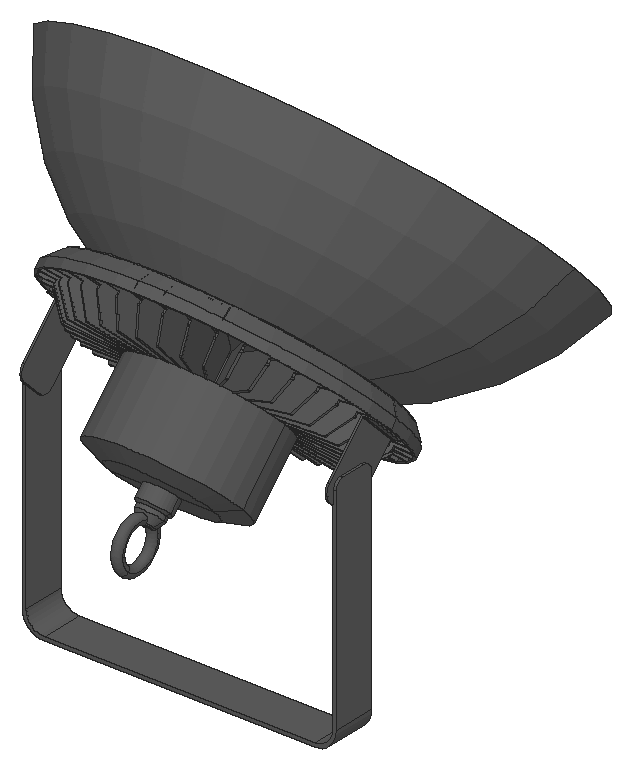
Revit family "0039365+0039353+0039357 Sylvania Lighting Fixture START HighBay IP65 DALI 13000lm 840 WB with BRACKET and ALU SHADE BLACK COLOR FOR 13 19KLM", category Lighting Fixtures, host Face, Revit 2016
Family settings
  Host = Face
  Part Type = Normal
  Round Connector Dimension = Use Diameter
  OmniClass Number = 23.80.70.00
  OmniClass Title = Lighting
  Cut with Voids When Loaded = No
  Light Source = No
  Shared = No
  Room Calculation Point = No
Parameters (values of type "0039365+0039353+0039357  START HighBay IP65 DALI 13000lm 840 WB with BRACKET and ALU SHADE BLACK COLOR FOR 13/19KLM")
  Weight = "3.0 kg"
  Wattage Comments = ""
  WarrantyStartDate [instance] = "n/a"
  WarrantyGuarantorParts = "n/a"
  WarrantyDurationUnit = "n/a"
  WarrantyDurationParts = "n/a"
  WarrantyDescription = "n/a"
  Voltage = 0 V
  URL = "http://www.sylvania-lighting.com"
  TypeName = "START HighBay IP65 DALI 13000lm 840 WB with BRACKET and ALU SHADE BLACK COLOR FOR 13/19KLM"
  TypeHead_FEILO = Start LED Highbay DALI Head : 0039365+0039353+0039357 START HighBay IP65 DALI 13000lm 840 WB with BRACKET and ALU SHADE BLACK COLOR FOR 13/19KLM
  Type Image = <None>
  Type Comments = "n/a"
  TiltAngle_FEILO [instance] = 45.00°
  ThicknessBracketPlate_FEILO = 3 mm
  SizeBracketS_FEILO = yes
  SizeBracketM_FEILO = no
  SerialNumber [instance] = "n/a"
  RadiusBracketTop_FEILO = 7 mm
  RadiusBendOut_FEILO = if(SizeBracketS_FEILO, 18 mm, if(SizeBracketM_FEILO, 24 mm, 28 mm))  # 18 mm
  RadiusBendIn_FEILO = RadiusBendOut_FEILO - ThicknessBracketPlate_FEILO  # 15 mm
  Material_3_FEILO = none
  PowerFactor = 0.95
  PowerConsumption = "90 W"
  NominalLength = 270 mm
  NominalHeight = 175 mm
  NominalDepth = 270 mm
  Name = "START HighBay IP65 DALI 13000lm 840 WB with BRACKET and ALU SHADE BLACK COLOR FOR 13/19KLM"
  ModelReference = Name  # "START HighBay IP65 DALI 13000lm 840 WB with BRACKET and ALU SHADE BLACK COLOR FOR 13/19KLM"
  ModelNumber = "0039365+0039353+0039357"
  Model = Name  # "START HighBay IP65 DALI 13000lm 840 WB with BRACKET and ALU SHADE BLACK COLOR FOR 13/19KLM"
  Material = "aluminium alloy housing, polycarbonate diffuser"
  ManufacturerName = "Feilo Sylvania"
  Manufacturer = "Feilo Sylvania"
  LuminousEfficacy = "130 lm/W"
  LuminaireType = ""
  LightOutputRatio = "n/a"
  LampsType = Lamp  # "LED"
  LampNominalLuminous = "11700 lm"
  LampMacAdamStep = "6"
  LampColourTemperature = "6500 K"
  LampColourRenderingIndex = "80"
  Lamp = "LED"
  Keynote = "16500"
  InstallationDate [instance] = "n/a"
  InputVoltage = "n/a"
  InputNominalFrequency = "50/60 Hz"
  IngressProtection = "IP65"
  ImpactProtectionIndex = "IK08"
  IfcExportType = "IfcLightFixtureType"
  IfcExportAs = "IfcLightFixtureType"
  ExpectedLife = 50000
  EndAngle_FEILO [instance] = TiltAngle_FEILO + 180.00°  # 225.00°
  ElectricShockClassification = "Class I"
  DurationUnit = "hours"
  DocumentationLiterature = "http://www.sylvania-lighting.com/product/en-int/products/0039365"
  DimmingControlOptions = "Dimmable"
  Material_2_FEILO = none
  Description = "START Highbay, includes 1 m cables, black aluminium housing, 11,700 Lm, 90 W, 130 Lm/W, 6500 K, drive current: 2000 mA, CRI 80, 90° beam angle, DALI dimmable, IP65, IK08, 50,000 hrs (L80/B50), (D x H) 270 x 175 mm."
  Default Elevation = 1219.2 mm
  CreatedOn = "5/15/2018"
  CreatedBy = "aron.fodor@sylvania-lighting.com"
  Cost = 0
  built-in parameter 1114216 [instance] = (empty or 0)
  ClassificationValue = "EF_70_80"
  ClassificationName = "Uniclass2015"
  Material_1_FEILO = Body-Sylvania-StartHighbay-Black
  BracketHeight_FEILO = if(SizeBracketS_FEILO, 199.5 mm, if(SizeBracketM_FEILO, 209.6 mm, 201.3 mm))  # 199.5 mm
  BracketDistanceInner_FEILO = if(SizeBracketS_FEILO, 249.4 mm, if(SizeBracketM_FEILO, 273.6 mm, 313.2 mm))  # 249.4 mm
  BarCode [instance] = "n/a"
  AssetType = "Fixed"
  AssetIdentifier [instance] = "n/a"
  Assembly Code = "D5020200"
  Apparent Load = 90 VA
  Material_4_FEILO = none
Reference planes
  plane 1 "Center (Front/Back)": y = 0
  plane 2: z = 0
  plane 3 "Center (Left/Right)": x = 0
  plane 4: x = -127.7
  plane 5: x = 127.7
  plane 6: z = 199.5
  plane 7: x = -124.7
  plane 8: z = 3
  plane 9: x = 124.7
  plane 10: y = 17.5
  plane 11: y = -17.5
  plane 12: y = -19.5
  plane 13: z = 201.5
  plane 14: y = 19.5
  plane 15: z = 190.5
Forms (mm)
  Extrusion 1, solid, material "Body-Sylvania-StartHighbay-Black" <- "Material_1_FEILO"
    sketch origin (0, 0, 0) x (1, 0, 0) y (0, 0, 1)
      loop
        line (-127.7, 199.5) -> (-127.7, 18)
        arc (-127.7, 18) -> (-122.428, 5.272) -> (-109.7, 0) r 18
        line (-109.7, 0) -> (109.7, 0)
        arc (109.7, 0) -> (122.428, 5.272) -> (127.7, 18) r 18
        line (127.7, 18) -> (127.7, 199.5) -> (124.7, 199.5) -> (124.7, 18)
        arc (124.7, 18) -> (120.307, 7.393) -> (109.7, 3) r 15
        line (109.7, 3) -> (-109.7, 3)
        arc (-109.7, 3) -> (-120.307, 7.393) -> (-124.7, 18) r 15
        line (-124.7, 18) -> (-124.7, 199.5) -> (-127.7, 199.5)
    from -17.5 to 17.5
  Extrusion 2, void
    sketch origin (0, 0, 0) x (0, 1, 0) y (0, 0, 1)
      loop
        arc (10.5, 199.5) -> (15.45, 197.45) -> (17.5, 192.5) r 7
        line (17.5, 192.5) -> (19.5, 192.5) -> (19.5, 201.5) -> (-19.5, 201.5) -> (-19.5, 192.5) -> (-17.5, 192.5)
        arc (-17.5, 192.5) -> (-15.45, 197.45) -> (-10.5, 199.5) r 7
        line (-10.5, 199.5) -> (10.5, 199.5)
    from -127.7 to 127.7
  Revolve 3, solid, not visible
    sketch origin (1223.4, -4572, 190.5) x (0, -1, 0) y (1, 0, 0)
      loop
        line (-4572, -1223.4) -> (-4591.5, -1223.4) -> (-4591.5, -1277.783) -> (-4572, -1277.783) -> (-4572, -1223.4)
      axis (-4572, -1223.4) -> (-4572, -1277.783)
    angle from 45 <- "TiltAngle_FEILO" to 225 <- "EndAngle_FEILO"
Cuts and joins
  Extrusion 2 cuts Extrusion 1
Dimensions and locks
  "BracketHeight_FEILO": plane 6 to plane 2
  equal spacing: plane 11, plane 1 "Center (Front/Back)", plane 10
  locked: plane 11 to plane 10 at 35
  equal spacing: plane 9, plane 3 "Center (Left/Right)", plane 7
  "BracketDistanceInner_FEILO": plane 9 to plane 7
  "ThicknessBracketPlate_FEILO": plane 7 to plane 4
  "ThicknessBracketPlate_FEILO": plane 8 to plane 2
  equal spacing: plane 5, plane 3 "Center (Left/Right)", plane 4
  equal spacing: plane 12, plane 1 "Center (Front/Back)", plane 14
  locked: plane 6 to plane 13 at 2
  locked: plane 12 to plane 11 at 2
  locked: plane 6 to plane 15 at 9
  "RadiusBendOut_FEILO": radius of Extrusion 1 sketch curve  (x2)
  "RadiusBendIn_FEILO": radius of Extrusion 1 sketch curve  (x2)
  "RadiusBracketTop_FEILO": radius of Extrusion 2 sketch curve  (x2)
  aligned and locked: plane 2 to host face
  aligned and locked: level to host face
  aligned and locked: Extrusion 1 sketch curve to plane 4
  aligned and locked: Extrusion 1 sketch curve to level
  aligned and locked: plane 6 to Extrusion 1 sketch curve
  aligned and locked: Extrusion 1 sketch curve to plane 6
  aligned and locked: Extrusion 1 sketch curve to plane 7
  aligned and locked: plane 9 to Extrusion 1 sketch curve
  aligned and locked: plane 8 to Extrusion 1 sketch curve
  aligned and locked: Extrusion 1 to plane 10
  aligned and locked: plane 11 to Extrusion 1
  aligned and locked: Extrusion 1 to Extrusion 2 sketch curve
  aligned and locked: plane 14 to Extrusion 2 sketch curve  (x2)
  aligned and locked: Extrusion 2 sketch curve to plane 12
  aligned and locked: plane 13 to Extrusion 2 sketch curve
  aligned and locked: plane 5 to Extrusion 2
  aligned and locked: Extrusion 2 to plane 4
  aligned and locked: Revolve 3 sketch curve to plane 1 "Center (Front/Back)"
  aligned and locked: Revolve 3 sketch curve to Revolve 3 sketch curve
  aligned and locked: plane 3 "Center (Left/Right)" to Revolve 3 sketch curve
  aligned and locked: Revolve 3 sketch curve to plane 14
  aligned and locked: nested 1 to plane 3 "Center (Left/Right)"
Automatic sketch dimensions
  host sketch curve to host sketch curve = 2438.4 mm  (x2)
  Revolve 3 sketch curve to Revolve 3 sketch curve = 54.383 mm
  Revolve 3 sketch curve to plane 4 = 1396.3 mm
  plane 5 to Revolve 3 sketch curve = 1396.3 mm
  Extrusion 1 sketch curve to Extrusion 1 sketch curve = 0 mm
  Extrusion 2 sketch curve to plane 11 = 0 mm
  Extrusion 2 sketch curve to plane 10 = 0 mm
Nested families
  nested 1: "Start LED Highbay DALI Head" at (0, 0, 190.5) x (-1, 0, 0) z (0, 0.7071, 0.7071), type <- "TypeHead_FEILO", type "0039365+0039353+0039357 START HighBay IP65 DALI 13000lm 840 WB with BRACKET and ALU SHADE BLACK COLOR FOR 13/19KLM"
    with built-in parameter 1114216 (empty or 0)
Connectors
  electrical at (0, 0, 0), driven by "Apparent Load", driven by "PowerFactor", driven by "Voltage"
    settings: index 1, voltage 0 V, apparent load 90 VA, apparent load phase1 0 VA, apparent load phase2 0 VA, apparent load phase3 0 VA, power factor 0.95, load classification "Lighting", number of poles 1, system type 30, power factor state 1, is connector primary yes, connector utility no, sub classification motor no, connector description ""
Definition of nested family "Start LED Highbay DALI Head"
  Parameters (values of type "0039367+0039355+0039361 START HighBay IP65 DALI 26000lm 840 WB with BRACKET and PC LAMPSHADE TRANSPARENT FOR 26KLM")
    X_FEILO = if(SizeS_FEILO, 60.3 mm, if(SizeM_FEILO, 70.4 mm, 83.5 mm))  # 83.5 mm
    WidthStraight_FEILO = if(SizeS_FEILO, 3 mm, if(SizeM_FEILO, 4 mm, 4.7 mm))  # 4.7 mm
    WidthRingChamfer_FEILO = if(SizeS_FEILO, 10.3 mm, if(SizeM_FEILO, 11.2 mm, 12.9 mm))  # 12.9 mm
    WidthCurved_FEILO = if(SizeS_FEILO, 17.4 mm, if(SizeM_FEILO, 16.4 mm, 26.2 mm))  # 26.2 mm
    WidthCurvedRing_FEILO = if(SizeS_FEILO, 3 mm, if(SizeM_FEILO, 4 mm, 4.7 mm))  # 4.7 mm
    WidthBracket_FEILO = 40 mm
    Wattage Comments = ""
    Wattage = 190 W
    built-in parameter 1150110 = 1 (stored number, unit not read)
    URL = "http://www.sylvania-lighting.com"
    Type Image = (empty or 0)
    Type Comments = "n/a"
    built-in parameter 1114217 = 1 (stored number, unit not read)
    Tilt Angle = -90.00°
    ThicknessWall_FEILO = 1.5 mm
    ThicknessBracket_FEILO = 1.5 mm
    ThicknessBracketHalf_FEILO = ThicknessBracket_FEILO / 2  # 0.75 mm
    built-in parameter 1150109 = 1 (stored number, unit not read)
    built-in parameter 1150134 = 1
    built-in parameter 1150113 = 1 (stored number, unit not read)
    SizeS_FEILO = no
    SizeM_FEILO = no
    ShadeThickness_FEILO = 3 mm
    ShadeSizeSM_FEILO = or(SizeS_FEILO, SizeM_FEILO)  # no
    ShadeRadiusOut_FEILO = 205 mm
    ShadeRadiusIn_FEILO = if(ShadeSizeSM_FEILO, 95 mm, 121 mm)  # 121 mm
    ShadeRadiusBend_FEILO = if(ShadeSizeSM_FEILO, 210 mm, 210 mm)  # 210 mm
    ShadeOn_FEILO = yes
    ShadeHeight_FEILO = if(ShadeSizeSM_FEILO, 120 mm, 151 mm)  # 151 mm
    Rib4_FEILO = if(SizeS_FEILO, 18.1 mm, if(SizeM_FEILO, 13.6 mm, 14.6 mm))  # 14.6 mm
    Rib3_FEILO = if(SizeS_FEILO, 15.3 mm, if(SizeM_FEILO, 17.6 mm, 20.2 mm))  # 20.2 mm
    Rib2_FEILO = if(SizeS_FEILO, 3.6 mm, if(SizeM_FEILO, 3.9 mm, 4.5 mm))  # 4.5 mm
    Rib1_FEILO = if(SizeS_FEILO, 15.1 mm, if(SizeM_FEILO, 16.5 mm, 19 mm))  # 19 mm
    RadiusDiffuser_FEILO = if(SizeS_FEILO, 95.2 mm, if(SizeM_FEILO, 105.3 mm, 120 mm))  # 120 mm
    RadiusArrayPost_FEILO = DriverRadius_FEILO - 6 mm  # 70.4 mm
    RHRadius3_FEILO = if(SizeS_FEILO, 6.6 mm, if(SizeM_FEILO, 7.4 mm, 8.6 mm))  # 8.6 mm
    RHRadius2_FEILO = if(SizeS_FEILO, 11 mm, if(SizeM_FEILO, 12 mm, 14 mm))  # 14 mm
    RHRadius1_FEILO = if(SizeS_FEILO, 13.6 mm, if(SizeM_FEILO, 14.9 mm, 17.7 mm))  # 17.7 mm
    RHHeight4_FEILO = if(SizeS_FEILO, 7.3 mm, if(SizeM_FEILO, 8 mm, 9.2 mm))  # 9.2 mm
    RHHeight3_FEILO = if(SizeS_FEILO, 3.6 mm, if(SizeM_FEILO, 3.7 mm, 4.6 mm))  # 4.6 mm
    RHHeight2_FEILO = if(SizeS_FEILO, 2 mm, if(SizeM_FEILO, 2.2 mm, 2.6 mm))  # 2.6 mm
    RHHeight1_FEILO = if(SizeS_FEILO, 11.8 mm, if(SizeM_FEILO, 15.3 mm, 17.4 mm))  # 17.4 mm
    Photometric Web File = "0039367+0039361.ies"
    Material_5_FEILO = none
    Material_3_FEILO = none
    Model = "START HighBay IP65 DALI 26000lm 840 WB with BRACKET and PC LAMPSHADE TRANSPARENT FOR 26KLM"
    Manufacturer = "Feilo Sylvania"
    built-in parameter 1150105 = 33385.3 (stored number, unit not read)
    Lumens = 24700 lm
    built-in parameter 1150115 = 1 (stored number, unit not read)
    built-in parameter 1150137 = (empty or 0)
    built-in parameter 1150139 = (empty or 0)
    built-in parameter 1150112 = 1 (stored number, unit not read)
    built-in parameter 1150114 = 1 (stored number, unit not read)
    Lamp = "LED"
    Keynote = "16500"
    built-in parameter 1150132 = (empty or 0)
    built-in parameter 1150102 = (empty or 0)
    built-in parameter 1150107 = 6500 (stored number, unit not read)
    built-in parameter 1150138 = (empty or 0)
    built-in parameter 1150106 = 333.85 (stored number, unit not read)
    HeightRing_FEILO = if(SizeS_FEILO, 19.8 mm, if(SizeM_FEILO, 32 mm, 36.8 mm))  # 36.8 mm
    HeightRingChamfer_FEILO = if(SizeS_FEILO, 11.7 mm, if(SizeM_FEILO, 23.2 mm, 26.6 mm))  # 26.6 mm
    EyeThickness_FEILO = if(SizeS_FEILO, 8.4 mm, if(SizeM_FEILO, 9.2 mm, 10.5 mm))  # 10.5 mm
    EyeThicknessHalf_FEILO = EyeThickness_FEILO / 2  # 5.25 mm
    EyeInner_FEILO = if(SizeS_FEILO, 13.8 mm, if(SizeM_FEILO, 15.1 mm, 17.3 mm))  # 17.3 mm
    Emit from Circle Diameter = RadiusDiffuser_FEILO * 2  # 240 mm
    Emit Shape Visible in Rendering = no
    built-in parameter 1150104 = 12.077 (stored number, unit not read)
    DriverVerticalStraight_FEILO = if(SizeS_FEILO, 46.5 mm, if(SizeM_FEILO, 49.7 mm, 57 mm))  # 57 mm
    DriverVerticalChamfer_FEILO = if(SizeS_FEILO, 7.5 mm, if(SizeM_FEILO, 8.2 mm, 9.5 mm))  # 9.5 mm
    DriverRadius_FEILO = if(SizeS_FEILO, 61.4 mm, if(SizeM_FEILO, 67.2 mm, 76.4 mm))  # 76.4 mm
    DriverRadiusTop_FEILO = if(SizeS_FEILO, 42 mm, if(SizeM_FEILO, 45.3 mm, 52.4 mm))  # 52.4 mm
    DriverBottom_FEILO = if(SizeS_FEILO, 56 mm, if(SizeM_FEILO, 64.5 mm, 74 mm))  # 74 mm
    Material_2_FEILO = none
    Radius_FEILO = if(SizeS_FEILO, 135 mm, if(SizeM_FEILO, 148 mm, 169.5 mm))  # 169.5 mm
    Dimming Lamp Color Temperature Shift = (empty or 0)
    DiameterWire_FEILO = 3 mm
    DiameterWireSupport_FEILO = 10 mm
    Description = "START Highbay, includes 1 m cables, black aluminium housing, 24,700 Lm, 190 W, 130 Lm/W, 6500 K, drive current: 4100 mA, CRI 80, 90° beam angle, DALI dimmable, IP65, IK08, 50,000 hrs (L80/B50), (D x H) 339 x 189 mm."
    Default Elevation = 1219.2 mm
    Cost = 0
    Color Filter = 16777215
    built-in parameter 1114216 [instance] = (empty or 0)
    Material_1_FEILO = none
    built-in parameter 1114218 = 1 (stored number, unit not read)
    built-in parameter 1150133 = 10 (stored number, unit not read)
    Assembly Code = "D5020200"
    Apparent Load = 190 VA
    Material_4_FEILO = none
  Types (24, lengths in mm): name | X_FEILO | WidthStraight_FEILO | WidthRingChamfer_FEILO | WidthCurved_FEILO | WidthCurvedRing_FEILO | Wattage | built-in parameter 1150134 | SizeS_FEILO | SizeM_FEILO | ShadeSizeSM_FEILO | ShadeRadiusIn_FEILO | ShadeOn_FEILO | ShadeHeight_FEILO | Rib4_FEILO | Rib3_FEILO | Rib2_FEILO | Rib1_FEILO | RadiusDiffuser_FEILO | RadiusArrayPost_FEILO | RHRadius3_FEILO | RHRadius2_FEILO | RHRadius1_FEILO | RHHeight4_FEILO | RHHeight3_FEILO | RHHeight2_FEILO | RHHeight1_FEILO | Photometric Web File | Model | built-in parameter 1150105 | Lumens | built-in parameter 1150107 | built-in parameter 1150106 | HeightRing_FEILO | HeightRingChamfer_FEILO | EyeThickness_FEILO | EyeThicknessHalf_FEILO | EyeInner_FEILO | Emit from Circle Diameter | DriverVerticalStraight_FEILO | DriverVerticalChamfer_FEILO | DriverRadius_FEILO | DriverRadiusTop_FEILO | DriverBottom_FEILO | Radius_FEILO | Description | Apparent Load
    0039367+0039355+0039361 START HighBay IP65 DALI 26000lm 840 WB with BRACKET and PC LAMPSHADE TRANSPARENT FOR 26KLM | 83.5 | 4.7 | 12.9 | 26.2 | 4.7 | 190 W | 1 | no | no | no | 121 | yes | 151 | 14.6 | 20.2 | 4.5 | 19 | 120 | 70.4 | 8.6 | 14 | 17.7 | 9.2 | 4.6 | 2.6 | 17.4 | "0039367+0039361.ies" | "START HighBay IP65 DALI 26000lm 840 WB with BRACKET and PC LAMPSHADE TRANSPARENT FOR 26KLM" | 33385.3 (stored number, unit not read) | 24700 lm | 6500 (stored number, unit not read) | 333.85 (stored number, unit not read) | 36.8 | 26.6 | 10.5 | 5.25 | 17.3 | 240 | 57 | 9.5 | 76.4 | 52.4 | 74 | 169.5 | "START Highbay, includes 1 m cables, black aluminium housing, 24,700 Lm, 190 W, 130 Lm/W, 6500 K, drive current: 4100 mA, CRI 80, 90° beam angle, DALI dimmable, IP65, IK08, 50,000 hrs (L80/B50), (D x H) 339 x 189 mm." | 190 VA
    0039367+0039355+0039360 START HighBay IP65 DALI 26000lm 840 WB with BRACKET and ALU SHADE BLACK COLOR FOR 26KLM | 83.5 | 4.7 | 12.9 | 26.2 | 4.7 | 190 W | 1 | no | no | no | 121 | yes | 151 | 14.6 | 20.2 | 4.5 | 19 | 120 | 70.4 | 8.6 | 14 | 17.7 | 9.2 | 4.6 | 2.6 | 17.4 | "0039367+0039360.ies" | "START HighBay IP65 DALI 26000lm 840 WB with BRACKET and ALU SHADE BLACK COLOR FOR 26KLM" | 33569.2 (stored number, unit not read) | 24700 lm | 6500 (stored number, unit not read) | 335.69 (stored number, unit not read) | 36.8 | 26.6 | 10.5 | 5.25 | 17.3 | 240 | 57 | 9.5 | 76.4 | 52.4 | 74 | 169.5 | "START Highbay, includes 1 m cables, black aluminium housing, 24,700 Lm, 190 W, 130 Lm/W, 6500 K, drive current: 4100 mA, CRI 80, 90° beam angle, DALI dimmable, IP65, IK08, 50,000 hrs (L80/B50), (D x H) 339 x 189 mm." | 190 VA
    0039367+0039355+0039359 START HighBay IP65 DALI 26000lm 840 WB with BRACKET and ALU SHADE ALU COLOR FOR 26KLM | 83.5 | 4.7 | 12.9 | 26.2 | 4.7 | 190 W | 1 | no | no | no | 121 | yes | 151 | 14.6 | 20.2 | 4.5 | 19 | 120 | 70.4 | 8.6 | 14 | 17.7 | 9.2 | 4.6 | 2.6 | 17.4 | "0039367+0039359.ies" | "START HighBay IP65 DALI 26000lm 840 WB with BRACKET and ALU SHADE ALU COLOR FOR 26KLM" | 33569.2 (stored number, unit not read) | 24700 lm | 6500 (stored number, unit not read) | 335.69 (stored number, unit not read) | 36.8 | 26.6 | 10.5 | 5.25 | 17.3 | 240 | 57 | 9.5 | 76.4 | 52.4 | 74 | 169.5 | "START Highbay, includes 1 m cables, black aluminium housing, 24,700 Lm, 190 W, 130 Lm/W, 6500 K, drive current: 4100 mA, CRI 80, 90° beam angle, DALI dimmable, IP65, IK08, 50,000 hrs (L80/B50), (D x H) 339 x 189 mm." | 190 VA
    0039367+0039355 START HighBay IP65 DALI 26000lm 840 WB with BRACKET | 83.5 | 4.7 | 12.9 | 26.2 | 4.7 | 190 W | 1 | no | no | no | 121 | no | 151 | 14.6 | 20.2 | 4.5 | 19 | 120 | 70.4 | 8.6 | 14 | 17.7 | 9.2 | 4.6 | 2.6 | 17.4 | "0039367.ies" | "START HighBay IP65 DALI 26000lm 840 WB with BRACKET" | 13532 (stored number, unit not read) | 24700 lm | 6500 (stored number, unit not read) | 135.32 (stored number, unit not read) | 36.8 | 26.6 | 10.5 | 5.25 | 17.3 | 240 | 57 | 9.5 | 76.4 | 52.4 | 74 | 169.5 | "START Highbay, includes 1 m cables, black aluminium housing, 24,700 Lm, 190 W, 130 Lm/W, 6500 K, drive current: 4100 mA, CRI 80, 90° beam angle, DALI dimmable, IP65, IK08, 50,000 hrs (L80/B50), (D x H) 339 x 189 mm." | 190 VA
    0039366+0039354+0039358 START HighBay IP65 DALI 19000lm 840 WB with BRACKET and PC LAMPSHADE TRANSPARENT 13/19KLM | 70.4 | 4 | 11.2 | 16.4 | 4 | 150 W | 1 | no | yes | yes | 95 | yes | 120 | 13.6 | 17.6 | 3.9 | 16.5 | 105.3 | 61.2 | 7.4 | 12 | 14.9 | 8 | 3.7 | 2.2 | 15.3 | "0039366+0039358.ies" | "START HighBay IP65 DALI 19000lm 840 WB with BRACKET and PC LAMPSHADE TRANSPARENT 13/19KLM" | 26356.9 (stored number, unit not read) | 19500 lm | 6500 (stored number, unit not read) | 263.57 (stored number, unit not read) | 32 | 23.2 | 9.2 | 4.6 | 15.1 | 210.6 | 49.7 | 8.2 | 67.2 | 45.3 | 64.5 | 148 | "START Highbay, includes 1 m cables, black aluminium housing, 19,500 Lm, 150 W, 130 Lm/W, 6500 K, drive current: 3300 mA, CRI 80, 90° beam angle, DALI dimmable, IP65, IK08, 50,000 hrs (L80/B50), (D x H) 296 x 172 mm." | 150 VA
    0039366+0039354+0039357 START HighBay IP65 DALI 19000lm 840 WB with BRACKET and ALU SHADE BLACK COLOR FOR 13/19KLM | 70.4 | 4 | 11.2 | 16.4 | 4 | 150 W | 1 | no | yes | yes | 95 | yes | 120 | 13.6 | 17.6 | 3.9 | 16.5 | 105.3 | 61.2 | 7.4 | 12 | 14.9 | 8 | 3.7 | 2.2 | 15.3 | "0039366+0039357.ies" | "START HighBay IP65 DALI 19000lm 840 WB with BRACKET and ALU SHADE BLACK COLOR FOR 13/19KLM" | 26502 (stored number, unit not read) | 19500 lm | 6500 (stored number, unit not read) | 265.02 (stored number, unit not read) | 32 | 23.2 | 9.2 | 4.6 | 15.1 | 210.6 | 49.7 | 8.2 | 67.2 | 45.3 | 64.5 | 148 | "START Highbay, includes 1 m cables, black aluminium housing, 19,500 Lm, 150 W, 130 Lm/W, 6500 K, drive current: 3300 mA, CRI 80, 90° beam angle, DALI dimmable, IP65, IK08, 50,000 hrs (L80/B50), (D x H) 296 x 172 mm." | 150 VA
    0039366+0039354+0039356 START HighBay IP65 DALI 19000lm 840 WB with BRACKET and ALU SHADE ALU COLOR FOR 13/19KLM | 70.4 | 4 | 11.2 | 16.4 | 4 | 150 W | 1 | no | yes | yes | 95 | yes | 120 | 13.6 | 17.6 | 3.9 | 16.5 | 105.3 | 61.2 | 7.4 | 12 | 14.9 | 8 | 3.7 | 2.2 | 15.3 | "0039366+0039356.ies" | "START HighBay IP65 DALI 19000lm 840 WB with BRACKET and ALU SHADE ALU COLOR FOR 13/19KLM" | 26502 (stored number, unit not read) | 19500 lm | 6500 (stored number, unit not read) | 265.02 (stored number, unit not read) | 32 | 23.2 | 9.2 | 4.6 | 15.1 | 210.6 | 49.7 | 8.2 | 67.2 | 45.3 | 64.5 | 148 | "START Highbay, includes 1 m cables, black aluminium housing, 19,500 Lm, 150 W, 130 Lm/W, 6500 K, drive current: 3300 mA, CRI 80, 90° beam angle, DALI dimmable, IP65, IK08, 50,000 hrs (L80/B50), (D x H) 296 x 172 mm." | 150 VA
    0039366+0039354 START HighBay IP65 DALI 19000lm 840 WB with BRACKET | 70.4 | 4 | 11.2 | 16.4 | 4 | 150 W | 1 | no | yes | yes | 95 | no | 120 | 13.6 | 17.6 | 3.9 | 16.5 | 105.3 | 61.2 | 7.4 | 12 | 14.9 | 8 | 3.7 | 2.2 | 15.3 | "0039366.ies" | "START HighBay IP65 DALI 19000lm 840 WB with BRACKET" | 10981.5 (stored number, unit not read) | 19500 lm | 6500 (stored number, unit not read) | 109.82 (stored number, unit not read) | 32 | 23.2 | 9.2 | 4.6 | 15.1 | 210.6 | 49.7 | 8.2 | 67.2 | 45.3 | 64.5 | 148 | "START Highbay, includes 1 m cables, black aluminium housing, 19,500 Lm, 150 W, 130 Lm/W, 6500 K, drive current: 3300 mA, CRI 80, 90° beam angle, DALI dimmable, IP65, IK08, 50,000 hrs (L80/B50), (D x H) 296 x 172 mm." | 150 VA
    0039365+0039353+0039358 START HighBay IP65 DALI 13000lm 840 WB with BRACKET and PC LAMPSHADE TRANSPARENT 13/19KLM | 60.3 | 3 | 10.3 | 17.4 | 3 | 90 W | 1 | yes | no | yes | 95 | yes | 120 | 18.1 | 15.3 | 3.6 | 15.1 | 95.2 | 55.4 | 6.6 | 11 | 13.6 | 7.3 | 3.6 | 2 | 11.8 | "0039365+0039358.ies" | "START HighBay IP65 DALI 13000lm 840 WB with BRACKET and PC LAMPSHADE TRANSPARENT 13/19KLM" | 15814.1 (stored number, unit not read) | 11700 lm | 6500 (stored number, unit not read) | 158.14 (stored number, unit not read) | 19.8 | 11.7 | 8.4 | 4.2 | 13.8 | 190.4 | 46.5 | 7.5 | 61.4 | 42 | 56 | 135 | "START Highbay, includes 1 m cables, black aluminium housing, 11,700 Lm, 90 W, 130 Lm/W, 6500 K, drive current: 2000 mA, CRI 80, 90° beam angle, DALI dimmable, IP65, IK08, 50,000 hrs (L80/B50), (D x H) 270 x 175 mm." | 90 VA
    0039365+0039353+0039357 START HighBay IP65 DALI 13000lm 840 WB with BRACKET and ALU SHADE BLACK COLOR FOR 13/19KLM | 60.3 | 3 | 10.3 | 17.4 | 3 | 90 W | 1 | yes | no | yes | 95 | yes | 120 | 18.1 | 15.3 | 3.6 | 15.1 | 95.2 | 55.4 | 6.6 | 11 | 13.6 | 7.3 | 3.6 | 2 | 11.8 | "0039365+0039357.ies" | "START HighBay IP65 DALI 13000lm 840 WB with BRACKET and ALU SHADE BLACK COLOR FOR 13/19KLM" | 15901.2 (stored number, unit not read) | 11700 lm | 6500 (stored number, unit not read) | 159.01 (stored number, unit not read) | 19.8 | 11.7 | 8.4 | 4.2 | 13.8 | 190.4 | 46.5 | 7.5 | 61.4 | 42 | 56 | 135 | "START Highbay, includes 1 m cables, black aluminium housing, 11,700 Lm, 90 W, 130 Lm/W, 6500 K, drive current: 2000 mA, CRI 80, 90° beam angle, DALI dimmable, IP65, IK08, 50,000 hrs (L80/B50), (D x H) 270 x 175 mm." | 90 VA
    0039365+0039353+0039356 START HighBay IP65 DALI 13000lm 840 WB with BRACKET and ALU SHADE ALU COLOR FOR 13/19KLM | 60.3 | 3 | 10.3 | 17.4 | 3 | 90 W | 1 | yes | no | yes | 95 | yes | 120 | 18.1 | 15.3 | 3.6 | 15.1 | 95.2 | 55.4 | 6.6 | 11 | 13.6 | 7.3 | 3.6 | 2 | 11.8 | "0039365+0039356.ies" | "START HighBay IP65 DALI 13000lm 840 WB with BRACKET and ALU SHADE ALU COLOR FOR 13/19KLM" | 15901.2 (stored number, unit not read) | 11700 lm | 6500 (stored number, unit not read) | 159.01 (stored number, unit not read) | 19.8 | 11.7 | 8.4 | 4.2 | 13.8 | 190.4 | 46.5 | 7.5 | 61.4 | 42 | 56 | 135 | "START Highbay, includes 1 m cables, black aluminium housing, 11,700 Lm, 90 W, 130 Lm/W, 6500 K, drive current: 2000 mA, CRI 80, 90° beam angle, DALI dimmable, IP65, IK08, 50,000 hrs (L80/B50), (D x H) 270 x 175 mm." | 90 VA
    0039365+0039353 START HighBay IP65 DALI 13000lm 840 WB with BRACKET | 60.3 | 3 | 10.3 | 17.4 | 3 | 90 W | 1 | yes | no | yes | 95 | no | 120 | 18.1 | 15.3 | 3.6 | 15.1 | 95.2 | 55.4 | 6.6 | 11 | 13.6 | 7.3 | 3.6 | 2 | 11.8 | "0039365.ies" | "START HighBay IP65 DALI 13000lm 840 WB with BRACKET" | 6365.5 (stored number, unit not read) | 11700 lm | 6500 (stored number, unit not read) | 63.655 (stored number, unit not read) | 19.8 | 11.7 | 8.4 | 4.2 | 13.8 | 190.4 | 46.5 | 7.5 | 61.4 | 42 | 56 | 135 | "START Highbay, includes 1 m cables, black aluminium housing, 11,700 Lm, 90 W, 130 Lm/W, 6500 K, drive current: 2000 mA, CRI 80, 90° beam angle, DALI dimmable, IP65, IK08, 50,000 hrs (L80/B50), (D x H) 270 x 175 mm." | 90 VA
    0039364+0039355+0039361 START HighBay IP65 DALI 26000lm 840 MB with BRACKET and PC LAMPSHADE TRANSPARENT FOR 26KLM | 83.5 | 4.7 | 12.9 | 26.2 | 4.7 | 190 W | 12 | no | no | no | 121 | yes | 151 | 14.6 | 20.2 | 4.5 | 19 | 120 | 70.4 | 8.6 | 14 | 17.7 | 9.2 | 4.6 | 2.6 | 17.4 | "0039364+0039361.ies" | "START HighBay IP65 DALI 26000lm 840 MB with BRACKET and PC LAMPSHADE TRANSPARENT FOR 26KLM" | 33385.3 (stored number, unit not read) | 24700 lm | 4000 (stored number, unit not read) | 333.85 (stored number, unit not read) | 36.8 | 26.6 | 10.5 | 5.25 | 17.3 | 240 | 57 | 9.5 | 76.4 | 52.4 | 74 | 169.5 | "START Highbay, includes 1 m cables, black aluminium housing, 24,700 Lm, 190 W, 130 Lm/W, 4000 K, drive current: 4100 mA, CRI 80, 60° beam angle, DALI dimmable, IP65, IK08, 50,000 hrs (L80/B50), (D x H) 339 x 189 mm." | 190 VA
    0039364+0039355+0039360 START HighBay IP65 DALI 26000lm 840 MB with BRACKET and ALU SHADE BLACK COLOR FOR 26KLM | 83.5 | 4.7 | 12.9 | 26.2 | 4.7 | 190 W | 12 | no | no | no | 121 | yes | 151 | 14.6 | 20.2 | 4.5 | 19 | 120 | 70.4 | 8.6 | 14 | 17.7 | 9.2 | 4.6 | 2.6 | 17.4 | "0039364+0039360.ies" | "START HighBay IP65 DALI 26000lm 840 MB with BRACKET and ALU SHADE BLACK COLOR FOR 26KLM" | 33569.2 (stored number, unit not read) | 24700 lm | 4000 (stored number, unit not read) | 335.69 (stored number, unit not read) | 36.8 | 26.6 | 10.5 | 5.25 | 17.3 | 240 | 57 | 9.5 | 76.4 | 52.4 | 74 | 169.5 | "START Highbay, includes 1 m cables, black aluminium housing, 24,700 Lm, 190 W, 130 Lm/W, 4000 K, drive current: 4100 mA, CRI 80, 60° beam angle, DALI dimmable, IP65, IK08, 50,000 hrs (L80/B50), (D x H) 339 x 189 mm." | 190 VA
    0039364+0039355+0039359 START HighBay IP65 DALI 26000lm 840 MB with BRACKET and ALU SHADE ALU COLOR FOR 26KLM | 83.5 | 4.7 | 12.9 | 26.2 | 4.7 | 190 W | 12 | no | no | no | 121 | yes | 151 | 14.6 | 20.2 | 4.5 | 19 | 120 | 70.4 | 8.6 | 14 | 17.7 | 9.2 | 4.6 | 2.6 | 17.4 | "0039364+0039359.ies" | "START HighBay IP65 DALI 26000lm 840 MB with BRACKET and ALU SHADE ALU COLOR FOR 26KLM" | 33569.2 (stored number, unit not read) | 24700 lm | 4000 (stored number, unit not read) | 335.69 (stored number, unit not read) | 36.8 | 26.6 | 10.5 | 5.25 | 17.3 | 240 | 57 | 9.5 | 76.4 | 52.4 | 74 | 169.5 | "START Highbay, includes 1 m cables, black aluminium housing, 24,700 Lm, 190 W, 130 Lm/W, 4000 K, drive current: 4100 mA, CRI 80, 60° beam angle, DALI dimmable, IP65, IK08, 50,000 hrs (L80/B50), (D x H) 339 x 189 mm." | 190 VA
    0039364+0039355 START HighBay IP65 DALI 26000lm 840 MB with BRACKET | 83.5 | 4.7 | 12.9 | 26.2 | 4.7 | 190 W | 12 | no | no | no | 121 | no | 151 | 14.6 | 20.2 | 4.5 | 19 | 120 | 70.4 | 8.6 | 14 | 17.7 | 9.2 | 4.6 | 2.6 | 17.4 | "0039364.ies" | "START HighBay IP65 DALI 26000lm 840 MB with BRACKET" | 26901.8 (stored number, unit not read) | 24700 lm | 4000 (stored number, unit not read) | 269.02 (stored number, unit not read) | 36.8 | 26.6 | 10.5 | 5.25 | 17.3 | 240 | 57 | 9.5 | 76.4 | 52.4 | 74 | 169.5 | "START Highbay, includes 1 m cables, black aluminium housing, 24,700 Lm, 190 W, 130 Lm/W, 4000 K, drive current: 4100 mA, CRI 80, 60° beam angle, DALI dimmable, IP65, IK08, 50,000 hrs (L80/B50), (D x H) 339 x 189 mm." | 190 VA
    0039363+0039354+0039358 START HighBay IP65 DALI 19000lm 840 MB with BRACKET and PC LAMPSHADE TRANSPARENT 13/19KLM | 70.4 | 4 | 11.2 | 16.4 | 4 | 150 W | 12 | no | yes | yes | 95 | yes | 120 | 13.6 | 17.6 | 3.9 | 16.5 | 105.3 | 61.2 | 7.4 | 12 | 14.9 | 8 | 3.7 | 2.2 | 15.3 | "0039363+0039358.ies" | "START HighBay IP65 DALI 19000lm 840 MB with BRACKET and PC LAMPSHADE TRANSPARENT 13/19KLM" | 26356.9 (stored number, unit not read) | 19500 lm | 4000 (stored number, unit not read) | 263.57 (stored number, unit not read) | 32 | 23.2 | 9.2 | 4.6 | 15.1 | 210.6 | 49.7 | 8.2 | 67.2 | 45.3 | 64.5 | 148 | "START Highbay, includes 1 m cables, black aluminium housing, 19,500 Lm, 150 W, 130 Lm/W, 4000 K, drive current: 3300 mA, CRI 80, 60° beam angle, DALI dimmable, IP65, IK08, 50,000 hrs (L80/B50), (D x H) 296 x 172 mm." | 150 VA
    0039363+0039354+0039357 START HighBay IP65 DALI 19000lm 840 MB with BRACKET and ALU SHADE BLACK COLOR FOR 13/19KLM | 70.4 | 4 | 11.2 | 16.4 | 4 | 150 W | 12 | no | yes | yes | 95 | yes | 120 | 13.6 | 17.6 | 3.9 | 16.5 | 105.3 | 61.2 | 7.4 | 12 | 14.9 | 8 | 3.7 | 2.2 | 15.3 | "0039363+0039357.ies" | "START HighBay IP65 DALI 19000lm 840 MB with BRACKET and ALU SHADE BLACK COLOR FOR 13/19KLM" | 26502 (stored number, unit not read) | 19500 lm | 4000 (stored number, unit not read) | 265.02 (stored number, unit not read) | 32 | 23.2 | 9.2 | 4.6 | 15.1 | 210.6 | 49.7 | 8.2 | 67.2 | 45.3 | 64.5 | 148 | "START Highbay, includes 1 m cables, black aluminium housing, 19,500 Lm, 150 W, 130 Lm/W, 4000 K, drive current: 3300 mA, CRI 80, 60° beam angle, DALI dimmable, IP65, IK08, 50,000 hrs (L80/B50), (D x H) 296 x 172 mm." | 150 VA
    0039363+0039354+0039356 START HighBay IP65 DALI 19000lm 840 MB with BRACKET and ALU SHADE ALU COLOR FOR 13/19KLM | 70.4 | 4 | 11.2 | 16.4 | 4 | 150 W | 12 | no | yes | yes | 95 | yes | 120 | 13.6 | 17.6 | 3.9 | 16.5 | 105.3 | 61.2 | 7.4 | 12 | 14.9 | 8 | 3.7 | 2.2 | 15.3 | "0039363+0039356.ies" | "START HighBay IP65 DALI 19000lm 840 MB with BRACKET and ALU SHADE ALU COLOR FOR 13/19KLM" | 26502 (stored number, unit not read) | 19500 lm | 4000 (stored number, unit not read) | 265.02 (stored number, unit not read) | 32 | 23.2 | 9.2 | 4.6 | 15.1 | 210.6 | 49.7 | 8.2 | 67.2 | 45.3 | 64.5 | 148 | "START Highbay, includes 1 m cables, black aluminium housing, 19,500 Lm, 150 W, 130 Lm/W, 4000 K, drive current: 3300 mA, CRI 80, 60° beam angle, DALI dimmable, IP65, IK08, 50,000 hrs (L80/B50), (D x H) 296 x 172 mm." | 150 VA
    0039363+0039354 START HighBay IP65 DALI 19000lm 840 MB with BRACKET | 70.4 | 4 | 11.2 | 16.4 | 4 | 150 W | 12 | no | yes | yes | 95 | no | 120 | 13.6 | 17.6 | 3.9 | 16.5 | 105.3 | 61.2 | 7.4 | 12 | 14.9 | 8 | 3.7 | 2.2 | 15.3 | "0039363.ies" | "START HighBay IP65 DALI 19000lm 840 MB with BRACKET" | 22125.4 (stored number, unit not read) | 19500 lm | 4000 (stored number, unit not read) | 221.25 (stored number, unit not read) | 32 | 23.2 | 9.2 | 4.6 | 15.1 | 210.6 | 49.7 | 8.2 | 67.2 | 45.3 | 64.5 | 148 | "START Highbay, includes 1 m cables, black aluminium housing, 19,500 Lm, 150 W, 130 Lm/W, 4000 K, drive current: 3300 mA, CRI 80, 60° beam angle, DALI dimmable, IP65, IK08, 50,000 hrs (L80/B50), (D x H) 296 x 172 mm." | 150 VA
    0039362+0039353+0039358 START HighBay IP65 DALI 13000lm 840 MB with BRACKET and PC LAMPSHADE TRANSPARENT 13/19KLM | 60.3 | 3 | 10.3 | 17.4 | 3 | 90 W | 12 | yes | no | yes | 95 | yes | 120 | 18.1 | 15.3 | 3.6 | 15.1 | 95.2 | 55.4 | 6.6 | 11 | 13.6 | 7.3 | 3.6 | 2 | 11.8 | "0039362+0039358.ies" | "START HighBay IP65 DALI 13000lm 840 MB with BRACKET and PC LAMPSHADE TRANSPARENT 13/19KLM" | 15814.1 (stored number, unit not read) | 11700 lm | 4000 (stored number, unit not read) | 158.14 (stored number, unit not read) | 19.8 | 11.7 | 8.4 | 4.2 | 13.8 | 190.4 | 46.5 | 7.5 | 61.4 | 42 | 56 | 135 | "START Highbay, includes 1 m cables, black aluminium housing, 11,700 Lm, 90 W, 130 Lm/W, 4000 K, drive current: 2000 mA, CRI 80, 60° beam angle, DALI dimmable, IP65, IK08, 50,000 hrs (L80/B50), (D x H) 270 x 175 mm." | 90 VA
    0039362+0039353+0039357 START HighBay IP65 DALI 13000lm 840 MB with BRACKET and ALU SHADE BLACK COLOR FOR 13/19KLM | 60.3 | 3 | 10.3 | 17.4 | 3 | 90 W | 12 | yes | no | yes | 95 | yes | 120 | 18.1 | 15.3 | 3.6 | 15.1 | 95.2 | 55.4 | 6.6 | 11 | 13.6 | 7.3 | 3.6 | 2 | 11.8 | "0039362+0039357.ies" | "START HighBay IP65 DALI 13000lm 840 MB with BRACKET and ALU SHADE BLACK COLOR FOR 13/19KLM" | 15901.2 (stored number, unit not read) | 11700 lm | 4000 (stored number, unit not read) | 159.01 (stored number, unit not read) | 19.8 | 11.7 | 8.4 | 4.2 | 13.8 | 190.4 | 46.5 | 7.5 | 61.4 | 42 | 56 | 135 | "START Highbay, includes 1 m cables, black aluminium housing, 11,700 Lm, 90 W, 130 Lm/W, 4000 K, drive current: 2000 mA, CRI 80, 60° beam angle, DALI dimmable, IP65, IK08, 50,000 hrs (L80/B50), (D x H) 270 x 175 mm." | 90 VA
    0039362+0039353+0039356 START HighBay IP65 DALI 13000lm 840 MB with BRACKET and ALU SHADE ALU COLOR FOR 13/19KLM | 60.3 | 3 | 10.3 | 17.4 | 3 | 90 W | 12 | yes | no | yes | 95 | yes | 120 | 18.1 | 15.3 | 3.6 | 15.1 | 95.2 | 55.4 | 6.6 | 11 | 13.6 | 7.3 | 3.6 | 2 | 11.8 | "0039362+0039356.ies" | "START HighBay IP65 DALI 13000lm 840 MB with BRACKET and ALU SHADE ALU COLOR FOR 13/19KLM" | 15901.2 (stored number, unit not read) | 11700 lm | 4000 (stored number, unit not read) | 159.01 (stored number, unit not read) | 19.8 | 11.7 | 8.4 | 4.2 | 13.8 | 190.4 | 46.5 | 7.5 | 61.4 | 42 | 56 | 135 | "START Highbay, includes 1 m cables, black aluminium housing, 11,700 Lm, 90 W, 130 Lm/W, 4000 K, drive current: 2000 mA, CRI 80, 60° beam angle, DALI dimmable, IP65, IK08, 50,000 hrs (L80/B50), (D x H) 270 x 175 mm." | 90 VA
    0039362+0039353 START HighBay IP65 DALI 13000lm 840 MB with BRACKET | 60.3 | 3 | 10.3 | 17.4 | 3 | 90 W | 12 | yes | no | yes | 95 | no | 120 | 18.1 | 15.3 | 3.6 | 15.1 | 95.2 | 55.4 | 6.6 | 11 | 13.6 | 7.3 | 3.6 | 2 | 11.8 | "0039362.ies" | "START HighBay IP65 DALI 13000lm 840 MB with BRACKET" | 13336.9 (stored number, unit not read) | 11700 lm | 4000 (stored number, unit not read) | 133.37 (stored number, unit not read) | 19.8 | 11.7 | 8.4 | 4.2 | 13.8 | 190.4 | 46.5 | 7.5 | 61.4 | 42 | 56 | 135 | "START Highbay, includes 1 m cables, black aluminium housing, 11,700 Lm, 90 W, 130 Lm/W, 4000 K, drive current: 2000 mA, CRI 80, 60° beam angle, DALI dimmable, IP65, IK08, 50,000 hrs (L80/B50), (D x H) 270 x 175 mm." | 90 VA
  Reference planes
    plane 1 "Center (Front/Back)": y = 0
    plane 2: z = 0
    plane 3 "Center (Left/Right)": x = 0
    plane 4: z = 83.5
    plane 5: x = -169.5
    plane 6: x = -156.6
    plane 7: z = 56.9
    plane 8: z = 46.7
    plane 9: x = -151.9
    plane 10: z = 80.875
    plane 11: x = -125.7
    plane 12: x = -120
    plane 13: x = -147.2
    plane 14: z = 81.875
    plane 15: z = 79.875
    plane 16: x = -117
    plane 17: z = 78.875
    plane 18: x = -168
    plane 19: x = -150.5
    plane 20: z = 42.2
    plane 21: x = -130.3
    plane 22: z = 27.6
    plane 23: x = -20
    plane 24: z = 9.5
    plane 25: x = -76.4
    plane 26: z = -47.5
    plane 27: x = -52.4
    plane 28: z = -57
    plane 29: x = -17.7
    plane 30: z = -74.4
    plane 31: z = -77
    plane 32: x = -14
    plane 33: z = -81.6
    plane 34: z = -90.8
    plane 35: x = -8.6
    plane 36: z = -108.1
    plane 37: z = -125.4
    plane 38: x = 5.25
    plane 39: x = -5.25
    plane 40: z = -135.9
    plane 41: z = -130.65
    plane 42: x = -162.3
    plane 43: x = -167
    plane 44: z = 45.2
    plane 45: x = -155.1
    plane 46: z = -19
    plane 47: y = -20
    plane 48: y = 20
    plane 49: x = 169.5
    plane 50: x = 156.6
    plane 51: x = 168
    plane 52: x = 162.3
    plane 53: x = 167
    plane 54: x = 155.1
    plane 55: x = -205
    plane 56: z = 234.5
    plane 57: x = -121
    plane 58: x = -113
    plane 59: x = -202
    plane 60: z = 86.5
  Forms (mm)
    Extrusion 1, solid
      sketch origin (4.2, 0, 0) x (1, 0, 0) y (0, 1, 0)
        loop
          line (-1219.2, 1219.2) -> (-1219.2, -1219.2) -> (1219.2, -1219.2) -> (1219.2, 1219.2) -> (-1219.2, 1219.2)
      from 0 to -68.017
    Revolve 2, solid, material <- "Material_1_FEILO", detail levels medium+fine
      sketch origin (0, 0, 0) x (1, 0, 0) y (0, 0, 1)
        loop
          line (-169.5, 46.7) -> (-168, 46.7) -> (-168, 56.555) -> (-156.206, 80.875) -> (-147.2, 80.875) -> (-147.2, 82.637)
          arc (-147.2, 82.637) -> (-149.554, 83.047) -> (-151.9, 83.5) r 132.063
          line (-151.9, 83.5) -> (-156.141, 83.5)
          arc (-156.141, 83.5) -> (-156.63, 83.326) -> (-156.899, 82.883) r 0.774
          line (-156.899, 82.883) -> (-169.5, 56.9) -> (-169.5, 46.7)
        axis (0, 83.5) -> (0, 46.7)
      angle from 360 to 0
    Revolve 3, solid, material <- "Material_1_FEILO", detail levels medium+fine
      sketch origin (0, 0, 0) x (1, 0, 0) y (0, 0, 1)
        loop
          line (-125.7, 78.875) -> (-120, 78.875) -> (-120, 56.9) -> (0, 56.9) -> (0, 78.875) -> (-117, 78.875) -> (-117, 79.875) -> (-120, 79.875) -> (-120, 80.875) -> (-125.7, 80.875) -> (-125.7, 78.875)
        axis (0, 80.875) -> (0, 56.9)
      angle from 360 to 0
    Revolve 4, solid, material <- "Material_2_FEILO", detail levels medium+fine
      sketch origin (0, 0, 0) x (1, 0, 0) y (0, 0, 1)
        loop
          line (-120, 79.875) -> (0, 79.875) -> (0, 81.875) -> (-120, 81.875) -> (-120, 79.875)
        axis (0, 81.875) -> (0, 79.875)
      angle from 360 to 0
    Revolve 5, solid, material <- "Material_1_FEILO"
      sketch origin (0, 0, 0) x (1, 0, 0) y (0, 0, 1)
        loop
          line (-76.4, 27.6) -> (-76.4, -47.5) -> (-52.4, -57) -> (-17.7, -57) -> (-17.7, -74.4) -> (-14, -77) -> (-14, -81.6) -> (-9.037, -90.074)
          arc (-9.037, -90.074) -> (-8.49, -90.606) -> (-7.753, -90.8) r 1.5
          line (-7.753, -90.8) -> (0, -90.8) -> (0, 27.6) -> (-76.4, 27.6)
        axis (0, 27.6) -> (0, -90.8)
      angle from 360 to 0
    Revolve 6, solid, material <- "Material_1_FEILO"
      sketch origin (0, 0, 0) x (1, 0, 0) y (0, 0, 1)
        loop
          circle (0, -130.65) r 5.25
        axis (5.25, -108.1) -> (-5.25, -108.1)
      angle from 360 to 0
    Extrusion 7, solid, material <- "Material_1_FEILO"
      sketch origin (0, 0, 0) x (1, 0, 0) y (0, 0, 1)
        loop
          line (-167, 46.7) -> (-167, 45.2) -> (-157.35, 45.2)
          arc (-157.35, 45.2) -> (-156.82, 44.98) -> (-156.6, 44.45) r 0.75
          line (-156.6, 44.45) -> (-156.6, -19) -> (-155.1, -19) -> (-155.1, 45.2)
          arc (-155.1, 45.2) -> (-155.539, 46.261) -> (-156.6, 46.7) r 1.5
          line (-156.6, 46.7) -> (-167, 46.7)
        loop
          line (167, 46.7) -> (156.6, 46.7)
          arc (156.6, 46.7) -> (155.539, 46.261) -> (155.1, 45.2) r 1.5
          line (155.1, 45.2) -> (155.1, -19) -> (156.6, -19) -> (156.6, 44.45)
          arc (156.6, 44.45) -> (156.82, 44.98) -> (157.35, 45.2) r 0.75
          line (157.35, 45.2) -> (167, 45.2) -> (167, 46.7)
      from -20 to 20
    Extrusion 8, void
      sketch origin (0, 0, 0) x (0, 1, 0) y (0, 0, 1)
        loop
          arc (-10, -19) -> (-17.071, -16.071) -> (-20, -9) r 10
          line (-20, -9) -> (-25, -9) -> (-25, -24) -> (-10, -24) -> (-10, -19)
        loop
          line (10, -19) -> (10, -24) -> (25, -24) -> (25, -9) -> (20, -9)
          arc (20, -9) -> (17.071, -16.071) -> (10, -19) r 10
      from -156.6 to 156.6
    Revolve 9, solid, material <- "Material_1_FEILO", detail levels coarse
      sketch origin (0, 0, 0) x (1, 0, 0) y (0, 0, 1)
        loop
          line (0, 83.5) -> (-156.6, 83.5) -> (-169.5, 56.9) -> (-169.5, 46.7) -> (-150.5, 46.7) -> (-150.5, 42.2) -> (-130.3, 27.6) -> (0, 27.6) -> (0, 83.5)
        axis (0, 83.5) -> (0, 27.6)
      angle from 360 to 0
    Revolve 10, solid, material <- "Material_4_FEILO", visible <- "ShadeOn_FEILO"
      sketch origin (0, 0, 0) x (1, 0, 0) y (0, 0, 1)
        loop
          line (-121, 83.5) -> (-113, 83.5) -> (-113, 86.5) -> (-120.341, 86.5)
          arc (-120.341, 86.5) -> (-177.055, 151.769) -> (-202.193, 234.5) r 207.203
          line (-202.193, 234.5) -> (-205, 234.5)
          arc (-205, 234.5) -> (-179.25, 149.96) -> (-121, 83.5) r 210
        axis (0, 234.5) -> (0, 83.5)
      angle from 360 to 0
  Cuts and joins
    Extrusion 8 cuts Extrusion 7
  Lines and regions (mm)
    reference lines
      curve 1: line (-169.5, 0, 56.9) -> (-156.6, 0, 83.5)
      curve 2: line (-125.7, 0, 80.875) -> (0, 0, 80.875)
      curve 3: arc (-125.7, 0, 80.875) -> (-138.866, 0, 81.533) -> (-151.9, 0, 83.5) r 132.063
      curve 4: line (-156.6, 0, 83.5) -> (-151.9, 0, 83.5)
      curve 5: line (-156.206, 0, 80.875) -> (-168, 0, 56.555)
      curve 6: line (-150.5, 0, 42.2) -> (-130.3, 0, 27.6)
      curve 7: line (-14, 0, -81.6) -> (-8.6, 0, -90.8)
      curve 8: circle (0, 0, -130.65) r 5.25 normal (0, -1, 0)
      curve 9: arc (-121, 0, 83.5) -> (-179.25, 0, 149.96) -> (-205, 0, 234.5) r 210
  Dimensions and locks
    "Radius_FEILO": plane 3 "Center (Left/Right)" to plane 5
    "WidthRingChamfer_FEILO": plane 6 to plane 5
    "WidthStraight_FEILO": plane 9 to plane 6
    "WidthCurvedRing_FEILO": plane 13 to plane 9
    locked: plane 10 to plane 15 at 1
    locked: plane 14 to plane 10 at 1
    locked: plane 4 to plane 10 at 2.625
    locked: plane 15 to plane 17 at 1
    "ThicknessWall_FEILO": plane 18 to plane 5
    "ThicknessWall_FEILO": curve 5 to curve 1
    "HeightRingChamfer_FEILO": plane 4 to plane 7
    "HeightRing_FEILO": plane 4 to plane 8
    "RadiusDiffuser_FEILO": plane 3 "Center (Left/Right)" to plane 12
    locked: plane 16 to plane 12 at 3
    "WidthCurved_FEILO": plane 11 to plane 9
    "X_FEILO": plane 4 to plane 2
    "Rib1_FEILO": plane 19 to plane 5
    "Rib2_FEILO": plane 8 to plane 20
    "Rib3_FEILO": plane 21 to plane 19
    "Rib4_FEILO": plane 20 to plane 22
    locked: plane 3 "Center (Left/Right)" to plane 23 at 20
    "DriverBottom_FEILO": plane 4 to plane 24
    "DriverRadius_FEILO": plane 3 "Center (Left/Right)" to plane 25
    "DriverVerticalStraight_FEILO": plane 24 to plane 26
    "DriverRadiusTop_FEILO": plane 3 "Center (Left/Right)" to plane 27
    "DriverVerticalChamfer_FEILO": plane 26 to plane 28
    "RHRadius1_FEILO": plane 3 "Center (Left/Right)" to plane 29
    "RHHeight2_FEILO": plane 30 to plane 31
    "RHRadius2_FEILO": plane 3 "Center (Left/Right)" to plane 32
    "RHHeight3_FEILO": plane 31 to plane 33
    "RHHeight4_FEILO": plane 33 to plane 34
    "RHRadius3_FEILO": plane 3 "Center (Left/Right)" to plane 35
    "RHHeight1_FEILO": plane 28 to plane 30
    "EyeInner_FEILO": plane 34 to plane 36
    "EyeInner_FEILO": plane 36 to plane 37
    equal spacing: plane 38, plane 3 "Center (Left/Right)", plane 39
    "EyeThickness_FEILO": plane 38 to plane 39
    "EyeThickness_FEILO": plane 37 to plane 40
    equal spacing: plane 37, plane 41, plane 40
    equal spacing: plane 6, plane 42, plane 18
    "ThicknessBracket_FEILO": plane 45 to plane 6
    "ThicknessBracket_FEILO": plane 8 to plane 44
    locked: plane 43 to plane 18 at 1
    equal spacing: plane 24, plane 46, plane 26
    equal spacing: plane 47, plane 1 "Center (Front/Back)", plane 48
    "WidthBracket_FEILO": plane 47 to plane 48
    "WidthRingChamfer_FEILO": plane 50 to plane 49
    "ThicknessWall_FEILO": plane 51 to plane 49
    equal spacing: plane 50, plane 52, plane 51
    "ThicknessBracket_FEILO": plane 54 to plane 50
    locked: plane 53 to plane 51 at 1
    "Radius_FEILO": plane 49 to plane 3 "Center (Left/Right)"
    "ShadeRadiusOut_FEILO": plane 3 "Center (Left/Right)" to plane 55
    "ShadeHeight_FEILO": plane 56 to plane 4
    "ShadeRadiusIn_FEILO": plane 3 "Center (Left/Right)" to plane 57
    locked: plane 58 to plane 57 at 8
    "ShadeThickness_FEILO": plane 60 to plane 4
    "ShadeThickness_FEILO": plane 59 to plane 55
    "EyeThicknessHalf_FEILO": radius of curve 8
    "ThicknessBracket_FEILO": radius of Extrusion 7 sketch curve  (x2)
    "ThicknessBracketHalf_FEILO": radius of Extrusion 7 sketch curve  (x2)
    "ShadeRadiusBend_FEILO": radius of curve 9
    aligned and locked: plane 2 to Extrusion 1
    aligned and locked: level to Extrusion 1
    aligned and locked: plane 5 to curve 1
    aligned and locked: plane 6 to curve 1
    aligned and locked: plane 7 to curve 1
    aligned and locked: plane 10 to curve 2
    aligned and locked: plane 9 to curve 3
    aligned and locked: plane 4 to curve 3
    aligned and locked: plane 11 to curve 3
    aligned and locked: plane 4 to curve 4
    aligned and locked: plane 18 to curve 5
    aligned and locked: plane 10 to curve 5
    aligned and locked: Revolve 2 sketch curve to plane 3 "Center (Left/Right)"
    aligned and locked: Revolve 2 sketch curve to curve 3
    aligned and locked: Revolve 2 sketch curve to curve 1
    aligned and locked: plane 4 to Revolve 2 sketch curve
    aligned and locked: plane 9 to Revolve 2 sketch curve
    aligned and locked: Revolve 2 sketch curve to plane 13
    aligned and locked: Revolve 2 sketch curve to plane 10
    aligned and locked: plane 13 to Revolve 2 sketch curve
    aligned and locked: plane 10 to Revolve 2 sketch curve
    aligned and locked: Revolve 2 sketch curve to plane 18
    aligned and locked: Revolve 2 sketch curve to plane 8
    aligned and locked: plane 5 to Revolve 2 sketch curve  (x2)
    aligned and locked: Revolve 3 sketch curve to plane 3 "Center (Left/Right)"
    aligned and locked: plane 11 to Revolve 3 sketch curve
    aligned and locked: Revolve 3 sketch curve to curve 2
    aligned and locked: plane 15 to Revolve 3 sketch curve
    aligned and locked: Revolve 3 sketch curve to plane 16
    aligned and locked: plane 17 to Revolve 3 sketch curve  (x2)
    aligned and locked: Revolve 3 sketch curve to plane 12
    aligned and locked: plane 7 to Revolve 3 sketch curve
    aligned and locked: Revolve 4 sketch curve to plane 3 "Center (Left/Right)"
    aligned and locked: Revolve 4 sketch curve to plane 14
    aligned and locked: plane 3 "Center (Left/Right)" to Revolve 4 sketch curve
    aligned and locked: Revolve 4 sketch curve to plane 12
    aligned and locked: plane 15 to Revolve 4 sketch curve
    aligned and locked: Revolve 2 sketch curve to curve 5
    aligned and locked: plane 22 to curve 6
    aligned and locked: plane 21 to curve 6
    aligned and locked: plane 20 to curve 6
    aligned and locked: plane 19 to curve 6
    aligned and locked: plane 33 to curve 7
    aligned and locked: plane 32 to curve 7
    aligned and locked: plane 35 to curve 7
    aligned and locked: plane 34 to curve 7
    aligned and locked: Revolve 5 sketch curve to plane 3 "Center (Left/Right)"
    aligned and locked: Revolve 5 sketch curve to plane 25
    aligned and locked: plane 27 to Revolve 5 sketch curve
    aligned and locked: plane 28 to Revolve 5 sketch curve
    aligned and locked: plane 30 to Revolve 5 sketch curve
    aligned and locked: Revolve 5 sketch curve to plane 29
    aligned and locked: plane 31 to Revolve 5 sketch curve
    aligned and locked: Revolve 5 sketch curve to curve 7
    aligned and locked: Revolve 5 sketch curve to plane 32
    aligned and locked: plane 34 to Revolve 5 sketch curve
    aligned and locked: plane 3 "Center (Left/Right)" to Revolve 5 sketch curve
    aligned and locked: plane 3 "Center (Left/Right)" to curve 8
    aligned and locked: plane 41 to curve 8
    aligned and locked: Revolve 6 sketch curve to plane 36
    aligned and locked: Revolve 6 sketch curve to curve 8
    aligned and locked: plane 43 to Extrusion 7 sketch curve  (x2)
    aligned and locked: plane 8 to Extrusion 7 sketch curve  (x3)
    aligned and locked: Extrusion 7 sketch curve to plane 45
    aligned and locked: Extrusion 7 sketch curve to plane 46  (x2)
    aligned and locked: plane 6 to Extrusion 7 sketch curve
    aligned and locked: Extrusion 7 sketch curve to plane 44  (x2)
    aligned and locked: Extrusion 7 to plane 48
    aligned and locked: plane 47 to Extrusion 7
    aligned and locked: plane 53 to Extrusion 7 sketch curve
    aligned and locked: plane 50 to Extrusion 7 sketch curve
    aligned and locked: Extrusion 7 sketch curve to plane 54
    aligned and locked: Extrusion 8 sketch curve to Extrusion 8 sketch curve
    aligned and locked: Extrusion 8 to plane 6
    aligned and locked: Extrusion 8 to Extrusion 7
    aligned and locked: Revolve 5 sketch curve to plane 22
    aligned and locked: plane 23 to nested 1
    aligned and locked: plane 1 "Center (Front/Back)" to nested 1
    aligned and locked: Revolve 9 sketch curve to plane 3 "Center (Left/Right)"
    aligned and locked: Revolve 9 sketch curve to plane 4
    aligned and locked: plane 6 to Revolve 9 sketch curve
    aligned and locked: plane 4 to Revolve 9 sketch curve
    aligned and locked: plane 7 to Revolve 9 sketch curve
    aligned and locked: Revolve 9 sketch curve to plane 5
    aligned and locked: plane 8 to Revolve 9 sketch curve  (x2)
    aligned and locked: Revolve 9 sketch curve to plane 19
    aligned and locked: plane 20 to Revolve 9 sketch curve
    aligned and locked: plane 19 to Revolve 9 sketch curve
    aligned and locked: plane 21 to Revolve 9 sketch curve
    aligned and locked: plane 22 to Revolve 9 sketch curve  (x2)
    aligned and locked: Revolve 9 sketch curve to Revolve 9 sketch curve
    aligned and locked: imposter light to plane 4
    aligned and locked: plane 3 "Center (Left/Right)" to imposter light
    aligned and locked: imposter light to plane 1 "Center (Front/Back)"
    aligned and locked: plane 55 to curve 9
    aligned and locked: plane 56 to curve 9
    aligned and locked: plane 57 to curve 9
    aligned and locked: plane 4 to curve 9
    aligned and locked: Revolve 10 sketch curve to curve 9
    aligned and locked: plane 58 to Revolve 10 sketch curve
    aligned and locked: plane 57 to Revolve 10 sketch curve
    aligned and locked: plane 56 to Revolve 10 sketch curve  (x2)
    aligned and locked: Revolve 10 sketch curve to plane 58
    aligned and locked: plane 60 to Revolve 10 sketch curve
  Automatic sketch dimensions
    Extrusion 1 sketch curve to Extrusion 1 sketch curve = 2438.4 mm  (x2)
    Revolve 2 sketch curve to plane 6 = 0.299 mm
    plane 6 to Revolve 2 sketch curve = 0.459 mm
    Revolve 2 sketch curve to level = 609.6 mm
    Revolve 2 sketch curve to Revolve 2 sketch curve = 2312.223 mm
    Revolve 3 sketch curve to plane 12 = 0 mm
    Revolve 3 sketch curve to plane 3 "Center (Left/Right)" = 0 mm
    Revolve 3 sketch curve to level = 609.6 mm
    Revolve 3 sketch curve to plane 4 = 2339.058 mm
    Revolve 4 sketch curve to level = 609.6 mm
    Revolve 4 sketch curve to plane 4 = 2339.058 mm
    Revolve 6 sketch curve to plane 5 = 1080 mm
    plane 38 to Revolve 6 sketch curve = 1219.2 mm
    Extrusion 8 sketch curve to plane 47 = 0 mm
    plane 46 to Extrusion 8 sketch curve = 0 mm  (x2)
    Extrusion 8 sketch curve to plane 48 = 0 mm
    plane 47 to Extrusion 8 sketch curve = 5 mm
    plane 1 "Center (Front/Back)" to Extrusion 8 sketch curve = 10 mm
    Extrusion 8 sketch curve to Extrusion 8 sketch curve = 10 mm
    plane 46 to Extrusion 8 sketch curve = 5 mm
    Extrusion 8 sketch curve to Extrusion 8 sketch curve = 5 mm
    Extrusion 8 sketch curve to plane 48 = 5 mm
    Revolve 5 sketch curve to plane 26 = 0 mm
    Revolve 5 sketch curve to plane 35 = 0.437 mm
    plane 35 to Revolve 5 sketch curve = 0.847 mm
    Revolve 5 sketch curve to plane 34 = 0.726 mm
    plane 40 to Revolve 5 sketch curve = 590.2 mm
    Revolve 5 sketch curve to plane 4 = 2339.058 mm
    Revolve 9 sketch curve to level = 609.6 mm
    Revolve 9 sketch curve to Revolve 9 sketch curve = 2386.058 mm
    curve 2 to plane 3 "Center (Left/Right)" = 0 mm
    Revolve 10 sketch curve to Revolve 10 sketch curve = 0 mm  (x2)
    Revolve 10 sketch curve to plane 3 "Center (Left/Right)" = 0 mm
    plane 57 to Revolve 10 sketch curve = 0.659 mm
    Revolve 10 sketch curve to level = 609.6 mm
    Revolve 10 sketch curve to Revolve 10 sketch curve = 2068.248 mm
  Nested families
    nested 1: "Start Highbay Rib" at (0, 0, 80.875), type "Type Name", detail levels medium+fine
      with SuspensionHeight_FEILO 2.6 mm
    nested 2: "Start Highbay Rib" at (0, 0, 80.875) x (0.9877, 0.1564, 0) z (0, 0, 1), type "Type Name", detail levels medium+fine
      with SuspensionHeight_FEILO 2.6 mm
    nested 3: "Start Highbay Rib" at (0, 0, 80.875) x (0.9511, 0.309, 0) z (0, 0, 1), type "Type Name", detail levels medium+fine
      with SuspensionHeight_FEILO 2.6 mm
    nested 4: "Start Highbay Rib" at (0, 0, 80.875) x (0.891, 0.454, 0) z (0, 0, 1), type "Type Name", detail levels medium+fine
      with SuspensionHeight_FEILO 2.6 mm
    nested 5: "Start Highbay Rib" at (0, 0, 80.875) x (0.809, 0.5878, 0) z (0, 0, 1), type "Type Name", detail levels medium+fine
      with SuspensionHeight_FEILO 2.6 mm
